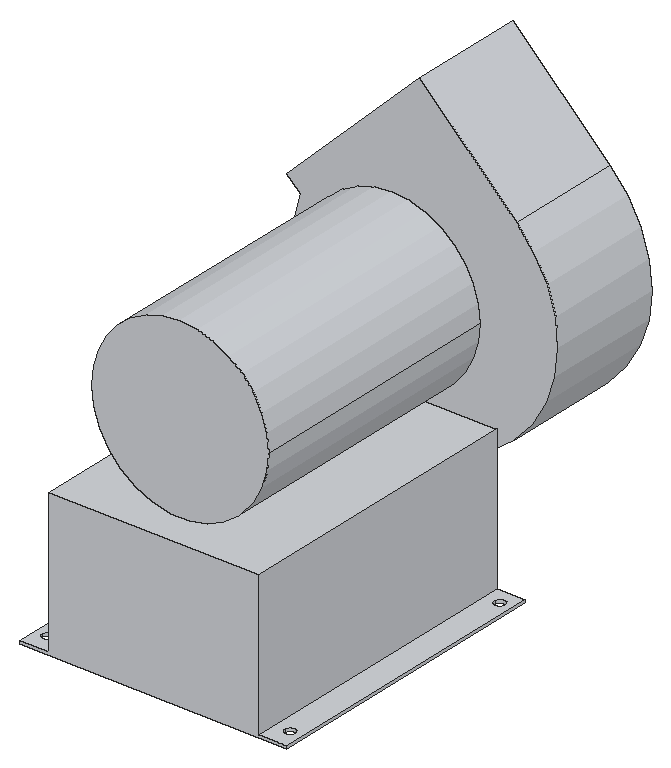
Revit family "CPFD_CCW_TAU", category Mechanical Equipment, Revit 2019
Family settings
  Round Connector Dimension = Use Radius
  Part Type = Normal
  Work Plane-Based = No
  Always vertical = Yes
  Cut with Voids When Loaded = No
  Shared = No
  Room Calculation Point = No
Parameters (values of type "9_CPFD_CCW_TAU")
  Unit Weight [instance] = ""
  T_SQ/2 = T_SQ / 2  # 1' - 4"
  T_SQ = 2' - 8"
  Sones [instance] = ""
  SPACE = 0' - 2"
  S = 0' - 4 3/8"
  R = 0' - 11 1/2"
  Q = 0' - 1 9/16"
  P/6 = P / 6  # 0' - 1 1/2"
  P/2 = P / 2  # 0' - 4 1/2"
  P = 0' - 9"
  N/2 = N / 2  # 0' - 0 9/32"
  N = 0' - 0 9/16"
  Motor RPM [instance] = ""
  Motor Enclosure [instance] = ""
  ModelID [instance] = ""
  M = 0' - 4 5/8"
  LwA [instance] = ""
  L = 0' - 7 5/8"
  K = 0' - 1"
  J = 1' - 1 3/4"
  H/2 = H / 2  # 0' - 6 3/8"
  H-1.5" = H - 0' 1 1/2"  # 0' - 11 1/4"
  H = 1' - 0 3/4"
  G-Q = 0' - 5 49/128"
  G-1" = G - 0' 1"  # 0' - 4 1/2"
  G = 0' - 5 1/2"
  Fan RPM [instance] = ""
  F+1.25" = -(F + 0' 1 1/4")  # -0' - 7 1/8"
  F+.25" = -(F + 0' 0 1/4")  # -0' - 6 1/8"
  F = 0' - 5 7/8"
  E+.25" = E + 0' 0 1/4"  # 0' - 10 1/8"
  E = 0' - 9 7/8"
  D-S = D - S  # 0' - 6 3/4"
  D+R = D + R  # 1' - 10 5/8"
  D = 0' - 11 1/8"
  C/2 = C / 2  # 0' - 11 3/8"
  C = 1' - 10 3/4"
  B/2 = B / 2  # 0' - 10 7/8"
  B-F-2" = B - F - 0' 2"  # 1' - 1 7/8"
  B-F-.25" = B - F - 0' 0 1/4"  # 1' - 3 5/8"
  B = 1' - 9 3/4"
  Accessories [instance] = ""
  A/2 = A / 2  # 0' - 7"
  A = 1' - 2"
  45_ = 45.00°  # constant formula
  45 = 135.00° + 90.00°  # 225.00°
  3" = 0' - 3"  # constant formula
  Brake Hp [instance] = ""
  4" = 0' - 4"  # constant formula
  2' = 2' - 0"
  2" = 0' - 2"  # constant formula
  1" = 0' - 1"  # constant formula
  0 = 0' - 0"  # constant formula
  Voltage [instance] = 0 V
  URL = "www.lorencook.com"
  Type Comments = "Forward Curved Centrifugal Blower Direct Drive Counter-Clockwise Top Angular Up Arrangement 4"  # constant formula
  Static Pressure [instance] = 0.00 in-wg
  Power [instance] = Voltage * Motor FLA * sqrt(if(Phase = 3, 3, 1))  # 0 VA
  Phase [instance] = 0
  Number of Poles [instance] = 1
  Motor Hp [instance] = "0"
  Motor FLA [instance] = 0 A
  Model = "CPFD_CCW_TAU"  # constant formula
  Manufacturer = "Loren Cook Company"
  CFM [instance] = 0 CFM
  1.5 = 0' - 1 1/2"  # constant formula
  ONE EIGTH = 0' - 0 1/8"  # constant formula
  (P/2)-.125" = (P / 2) - 0' 0 1/8"  # 0' - 4 3/8"
Types (6): name | SPACE | S | R | Q | P/6 | P/2 | P | N/2 | N | M | L | J | H/2 | H-1.5" | H | G-1" | G | F+1.25" | F+.25" | F | E+.25" | E | D-S | D+R | D | C/2 | C | B/2 | B-F-2" | B-F-.25" | B | A/2 | A | (P/2)-.125"
  (no name) | 0' - 2" | 0' - 4 3/8" | 0' - 11 1/2" | 0' - 1 9/16" | 0' - 1 1/2" | 0' - 4 1/2" | 0' - 9" | 0' - 0 9/32" | 0' - 0 9/16" | 0' - 4 5/8" | 0' - 7 5/8" | 1' - 1 3/4" | 0' - 6 3/8" | 0' - 11 1/4" | 1' - 0 3/4" | 0' - 4 1/2" | 0' - 5 1/2" | -0' - 7 1/8" | -0' - 6 1/8" | 0' - 5 7/8" | 0' - 10 1/8" | 0' - 9 7/8" | 0' - 6 3/4" | 1' - 10 5/8" | 0' - 11 1/8" | 0' - 11 3/8" | 1' - 10 3/4" | 0' - 10 7/8" | 1' - 1 7/8" | 1' - 3 5/8" | 1' - 9 3/4" | 0' - 7" | 1' - 2" | 0' - 4 3/8"
  6_CPFD_CCW_TAU | 0' - 1 1/2" | 0' - 3 11/16" | 0' - 9 3/8" | 0' - 1 1/4" | 0' - 1.16667" | 0' - 3 1/2" | 0' - 7" | 0' - 0 7/32" | 0' - 0 7/16" | 0' - 3 5/8" | 0' - 4 5/8" | 0' - 10 3/4" | 0' - 6 1/4" | 0' - 11" | 1' - 0 1/2" | 0' - 3 3/8" | 0' - 4 3/8" | -0' - 5 7/8" | -0' - 4 7/8" | 0' - 4 5/8" | 0' - 8 1/8" | 0' - 7 7/8" | 0' - 4 7/16" | 1' - 5 1/2" | 0' - 8 1/8" | 0' - 8 13/16" | 1' - 5 5/8" | 0' - 9 1/4" | 0' - 11 7/8" | 1' - 1 5/8" | 1' - 6 1/2" | 0' - 6 3/4" | 1' - 1 1/2" | 0' - 3 3/8"
  7_CPFD_CCW_TAU | 0' - 1 1/2" | 0' - 3 7/8" | 0' - 9 7/8" | 0' - 1 1/4" | 0' - 1.16667" | 0' - 3 1/2" | 0' - 7" | 0' - 0 7/32" | 0' - 0 7/16" | 0' - 3 5/8" | 0' - 7 1/8" | 1' - 0 1/4" | 0' - 6 1/4" | 0' - 11" | 1' - 0 1/2" | 0' - 3 3/4" | 0' - 4 3/4" | -0' - 6 5/8" | -0' - 5 5/8" | 0' - 5 3/8" | 0' - 8 5/8" | 0' - 8 3/8" | 0' - 6 3/4" | 1' - 8 1/2" | 0' - 10 5/8" | 0' - 10 5/16" | 1' - 8 5/8" | 0' - 10 1/8" | 1' - 0 7/8" | 1' - 2 5/8" | 1' - 8 1/4" | 0' - 6 3/4" | 1' - 1 1/2" | 0' - 3 3/8"
  9_CPFD_CCW_TAU | 0' - 2" | 0' - 4 3/8" | 0' - 11 1/2" | 0' - 1 9/16" | 0' - 1 1/2" | 0' - 4 1/2" | 0' - 9" | 0' - 0 9/32" | 0' - 0 9/16" | 0' - 4 5/8" | 0' - 7 5/8" | 1' - 1 3/4" | 0' - 6 3/8" | 0' - 11 1/4" | 1' - 0 3/4" | 0' - 4 1/2" | 0' - 5 1/2" | -0' - 7 1/8" | -0' - 6 1/8" | 0' - 5 7/8" | 0' - 10 1/8" | 0' - 9 7/8" | 0' - 6 3/4" | 1' - 10 5/8" | 0' - 11 1/8" | 0' - 11 3/8" | 1' - 10 3/4" | 0' - 10 7/8" | 1' - 1 7/8" | 1' - 3 5/8" | 1' - 9 3/4" | 0' - 7" | 1' - 2" | 0' - 4 3/8"
  10_CPFD_CCW_TAU | 0' - 1 1/2" | 0' - 4 15/16" | 1' - 1 1/16" | 0' - 1 3/4" | 0' - 1 1/2" | 0' - 4 1/2" | 0' - 9" | 0' - 0 9/32" | 0' - 0 9/16" | 0' - 4 5/8" | 0' - 9 7/8" | 1' - 1 3/4" | 0' - 7 1/8" | 1' - 0 3/4" | 1' - 2 1/4" | 0' - 5 7/16" | 0' - 6 7/16" | -0' - 7 5/8" | -0' - 6 5/8" | 0' - 6 3/8" | 0' - 11 5/8" | 0' - 11 3/8" | 0' - 9 7/16" | 2' - 3 7/16" | 1' - 2 3/8" | 1' - 1 25/32" | 2' - 3 9/16" | 0' - 11 1/8" | 1' - 1 7/8" | 1' - 3 5/8" | 1' - 10 1/4" | 0' - 7 3/4" | 1' - 3 1/2" | 0' - 4 3/8"
  12_CPFD_CCW_TAU | 0' - 3 1/2" | 0' - 5 11/16" | 1' - 3 3/16" | 0' - 2 1/2" | 0' - 2.08333" | 0' - 6 1/4" | 1' - 0 1/2" | 0' - 0 9/32" | 0' - 0 9/16" | 0' - 4 5/8" | 0' - 9 7/8" | 1' - 2 1/4" | 0' - 7 7/8" | 1' - 2 1/4" | 1' - 3 3/4" | 0' - 6 1/16" | 0' - 7 1/16" | -0' - 7 1/8" | -0' - 6 1/8" | 0' - 5 7/8" | 1' - 1 5/8" | 1' - 1 3/8" | 0' - 8 11/16" | 2' - 5 9/16" | 1' - 2 3/8" | 1' - 2 7/8" | 2' - 5 3/4" | 0' - 11 3/8" | 1' - 2 7/8" | 1' - 4 5/8" | 1' - 10 3/4" | 0' - 8 1/2" | 1' - 5" | 0' - 6 1/8"
Reference planes (in)
  plane 1 "Center (Front/Back)": y = 0
  plane 2: z = 0
  plane 3 "Center (Left/Right)": x = 0.40541
Forms (in)
  Extrusion 1, solid
    sketch origin (0, 0, 0) x (1, 0, 0) y (0, 0, 1)
      loop
        line (-6.59459, 0) -> (7.40541, 0) -> (7.40541, 0.125) -> (5.90541, 0.125) -> (5.90541, 7.625) -> (-5.09459, 7.625) -> (-5.09459, 0.125) -> (-6.59459, 0.125) -> (-6.59459, 0)
    from 0 to 15.625 <- "B-F-.25""
  Extrusion 2, solid
    sketch origin (0, 0, 0) x (1, 0, 0) y (0, 0, 1)
      loop
        circle (0.40541, 12.25) r 4.625
    from 0 to 13.875 <- "B-F-2""
  Extrusion 3, solid
    sketch origin (0, 0, 0) x (1, 0, 0) y (0, 0, 1)
      loop
        circle (0.40541, 11.125) r 4.5
      loop
        circle (0.40541, 11.125) r 4.375
    from -7.125 <- "F+1.25"" to -6.125 <- "F+.25""
  Extrusion 4, void
    sketch origin (0, 0, 0) x (1, 0, 0) y (0, 1, 0)
      loop
        circle (-5.96959, -14.625) r 0.28125
      loop
        circle (-5.96959, -0.875) r 0.28125
      loop
        circle (6.78041, -14.625) r 0.28125
      loop
        circle (6.78041, -0.875) r 0.28125
    from 0 to 0.125
  Extrusion 5, solid
    sketch origin (0, 0, 0) x (1, 0, 0) y (0, 0, 1)
      loop
        line (-5.09459, 15.76732) -> (-4.38748, 15.06021)
        arc (-4.38748, 15.06021) -> (3.72425, 5.80389) -> (6.95925, 17.67884) r 6.98491
        line (6.95925, 17.67884) -> (1.88809, 22.75) -> (-5.09459, 15.76732)
    from 0 to -6.125 <- "F+.25""
  Revolve 6, void
    sketch origin (0.40541, 0, 0) x (0, 1, 0) y (0, 0, 1)
      loop
        arc (6.125, 15.5) -> (5.68566, 14.43934) -> (4.625, 14) r 1.5
        line (4.625, 14) -> (4.625, 11.125) -> (6.125, 11.125) -> (6.125, 15.5)
      axis (4.625, 11.125) -> (6.125, 11.125)
    angle from 0 to 360
Cuts and joins
  Extrusion 4 cuts Extrusion 1
  Revolve 6 cuts Extrusion 3
  Revolve 6 cuts Extrusion 5
Lines and regions (in)
  model lines
    curve 1: line (0.40541, 0, 11.125) -> (7.23028, 0, 17.94987)
Dimensions and locks (in)
  "A/2": plane 3 "Center (Left/Right)" to Extrusion 1 sketch curve
  "A/2": Extrusion 1 sketch curve to plane 3 "Center (Left/Right)"
  "1.5": Extrusion 1 sketch curve to Extrusion 1 sketch curve  (x2)
  "L": Extrusion 1 sketch curve to level
  "ONE EIGTH": Extrusion 1 sketch curve to Extrusion 1 sketch curve  (x2)
  "0": Extrusion 2 sketch curve to Extrusion 1
  "0": Extrusion 2 sketch curve to plane 3 "Center (Left/Right)"
  "M": Extrusion 2 sketch curve to Extrusion 1
  "0": Extrusion 3 sketch curve to plane 3 "Center (Left/Right)"  (x2)
  "K": Extrusion 1 to Extrusion 4 sketch curve  (x2)
  "J": Extrusion 4 sketch curve to Extrusion 4 sketch curve  (x2)
  "H/2": Extrusion 4 sketch curve to plane 3 "Center (Left/Right)"  (x4)
  locked: Extrusion 3 sketch curve to Extrusion 3 sketch curve
  "D": Extrusion 3 sketch curve to level
  "D": level to curve 1
  "1"": Extrusion 5 sketch curve to Extrusion 5 sketch curve
  "E": Extrusion 5 sketch curve to Extrusion 5 sketch curve
  "C": level to Extrusion 5 sketch curve
  "SPACE": Extrusion 5 sketch curve to cut or joined group of Extrusion 1, Extrusion 4
  "G": plane 3 "Center (Left/Right)" to Extrusion 5 sketch curve
  "0": Extrusion 5 sketch curve to curve 1
  "0": Revolve 6 sketch curve to Extrusion 5
  "P/6": Extrusion 5 to Revolve 6 sketch curve
  "D": level to Revolve 6 sketch curve
  "(P/2)-.125"": Revolve 6 sketch curve to Revolve 6 sketch curve
  "0": Revolve 6 sketch curve to Revolve 6 sketch curve
  "P/2": radius of Extrusion 3 sketch curve
  "(P/2)-.125"": radius of Extrusion 3 sketch curve
  "N/2": radius of Extrusion 4 sketch curve  (x4)
  "45": angle curve 1 to level
  "45_": angle plane 3 "Center (Left/Right)" to Extrusion 5 sketch curve
Automatic sketch dimensions
  Extrusion 1 sketch curve to level = 0' - 0"
  curve 1 to plane 3 "Center (Left/Right)" = 0' - 0"
  Revolve 6 sketch curve to Revolve 6 sketch curve = 0' - 0"
  Revolve 6 sketch curve to Revolve 6 sketch curve = 0' - 3"
Connectors (in)
  electrical at (0.40541, -13.875, 12.25)
    settings: on Extrusion 2, index 1, voltage 0 V, apparent load 0 VA, apparent load phase1 0 VA, apparent load phase2 0 VA, apparent load phase3 0 VA, power factor 1, load classification "Other", number of poles 1, system type 30, power factor state 1, is connector primary yes, connector utility no, sub classification motor no, connector description ""
  hvac at (0.40541, 7.125, 11.125), driven by "P/2"
    settings: on Extrusion 3, index 4, duct flow 0 CFM, flow factor 0, pres drop 0.00 in-wg, loss coef 0, conn angle 0.00°, conn width 12", conn height 12", conn diameter 9", duct sys type 29, conn prof type 0, flow config 0, flow direction 1, loss method 0, conn ref index -1, conn util no, is conn primary yes, conn desc ""
  hvac at (-1.60325, 3.0625, 19.25866), driven by "E", driven by "F"
    settings: on cut or joined group of Extrusion 5, Revolve 6, index 5, duct flow 0 CFM, flow factor 0, pres drop 0.00 in-wg, loss coef 0, conn angle 0.00°, conn width 5 7/8", conn height 9 7/8", conn diameter 24", duct sys type 29, conn prof type 1, flow config 0, flow direction 2, loss method 0, conn ref index -1, conn util no, is conn primary no, conn desc ""
